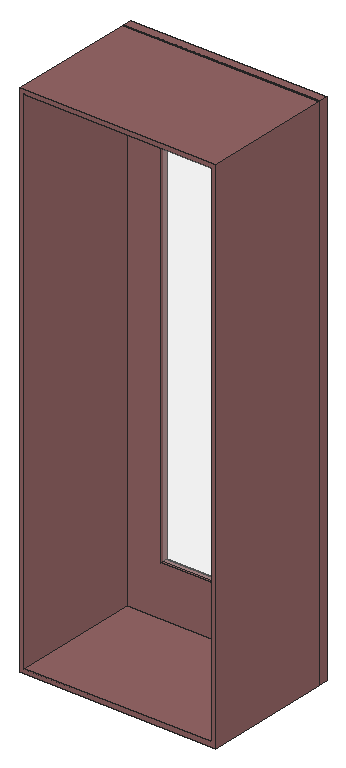
Revit family "M_Gabinete do extintor de incêndio", category Equipamento especial, Revit 2019
Family settings
  Hospedeiro = Parede
  Cota do conector redondo = Utilizar diâmetro
  Tipo de parte = Normal
  Número OmniClass = 23.65.70.17.11
  Título OmniClass = Fire Fighting Terminal Components
  ID de item do Seek = Fire Extinguisher Cabinet-0000-CAN-ENU
  Sempre na vertical = Sim
  Corte com vazios quando carregada = Não
  Compartilhado = Não
  Ponto de cálculo do ambiente = Não
Parameters (values of type "305 x 215 x 813mm")
  Material do armário = Metal - Acabamento pintado - Vermelho indiano, fosco
  Linear = 215.00 mm
  Material do painel de vidro = Vidro
  Altura = 813.00 mm
  Altura de montagem = 915.00 mm
  Largura = 305.00 mm
Types (4, lengths in mm): name | Linear | Altura | Largura
  (no name) | 215.00 | 813.00 | 305.00
  240 x 115 x 610mm | 115.00 | 610.00 | 240.00
  280 x 152 x 660mm | 152.00 | 660.00 | 280.00
  305 x 215 x 813mm | 215.00 | 813.00 | 305.00
Reference planes
  plane 1: y = 0
  plane 2 "Centro": x = -109.648
  plane 3: x = 42.852
  plane 4: x = -262.148
  plane 5: z = 1728
  plane 6: x = -14.298
  plane 7: x = -204.998
  plane 8: z = 915
  plane 9: y = 291.2
  plane 10: y = 76.2
  plane 11: y = 275.325
Forms (mm)
  Extrusion 1, solid, material "Metal - Acabamento pintado - Vermelho indiano, fosco" <- "Material do armário"
    sketch origin (0, 291.2, 0) x (0, 0, -1) y (-1, 0, 0)
      loop
        line (-1728, -42.852) -> (-915, -42.852) -> (-915, 262.148) -> (-1728, 262.148) -> (-1728, -42.852)
      loop
        line (-1645.45, 14.298) -> (-997.55, 14.298) -> (-997.55, 204.998) -> (-1645.45, 204.998) -> (-1645.45, 14.298)
    from 0 to -12.7
  Extrusion 2, solid, material "Vidro" <- "Material do painel de vidro"
    sketch origin (0, 291.2, 0) x (0, 0, -1) y (-1, 0, 0)
      loop
        line (-1645.45, 14.298) -> (-997.55, 14.298) -> (-997.55, 204.998) -> (-1645.45, 204.998) -> (-1645.45, 14.298)
    from -3.175 to -9.525
  Extrusion 3, solid, material "Metal - Acabamento pintado - Vermelho indiano, fosco" <- "Material do armário"
    sketch origin (0, 76.2, 0) x (0, 0, -1) y (-1, 0, 0)
      loop
        line (-1728, -42.852) -> (-915, -42.852) -> (-915, 262.148) -> (-1728, 262.148) -> (-1728, -42.852)
      loop
        line (-1721.65, -36.502) -> (-921.35, -36.502) -> (-921.35, 255.798) -> (-1721.65, 255.798) -> (-1721.65, -36.502)
    from 0 to 199.125
Lines and regions (mm)
  symbolic lines
    curve 1: line (-262.148, 275.325, 0) -> (42.852, 275.325, 0)
    curve 2: line (-262.148, 288.025, 0) -> (42.852, 288.025, 0)
    curve 3: line (-262.148, 76.2, 0) -> (-262.148, 288.025, 0)
    curve 4: line (42.852, 76.2, 0) -> (-262.148, 76.2, 0)
    curve 5: line (42.852, 288.025, 0) -> (42.852, 76.2, 0)
Text (mm)
  text "Parte frontal" at (0, 1019.848, 3124.603), in view "Direita"
  text "Parte frontal" at (-811.708, 558.621, 0), in view "Nível de referência"
  text "Parte frontal" at (0, 983.686, 2265.984), in view "Esquerda"
Dimensions and locks
  "Largura": plane 3 to plane 4
  equal spacing: plane 3, plane 2 "Centro", plane 4
  locked: plane 3 to plane 6 at 57.15
  locked: plane 7 to plane 4 at 57.15
  "Altura de montagem": host wall to plane 8
  "Altura": plane 8 to plane 5
  "Linear": plane 9 to plane 10
  locked: plane 9 to plane 11 at 15.875
  aligned and locked: host wall to curve 4
  aligned and locked: plane 10 to host wall
  aligned and locked: plane 11 to Extrusion 3
Automatic sketch dimensions
  curve 1 to plane 4 = 0.00 mm
  curve 4 to plane 3 = 0.00 mm
  curve 1 to curve 2 = 12.70 mm
  Extrusion 1 sketch curve to plane 4 = 0.00 mm
  Extrusion 1 sketch curve to plane 5 = 0.00 mm
  Extrusion 1 sketch curve to plane 6 = 0.00 mm
  Extrusion 1 sketch curve to plane 7 = 0.00 mm
  Extrusion 1 sketch curve to plane 8 = 0.00 mm
  Extrusion 1 sketch curve to plane 3 = 0.00 mm
  plane 5 to Extrusion 1 sketch curve = 82.55 mm
  Extrusion 1 sketch curve to plane 8 = 82.55 mm
  Extrusion 2 sketch curve to plane 7 = 0.00 mm
  Extrusion 2 sketch curve to plane 6 = 0.00 mm
  plane 5 to Extrusion 2 sketch curve = 82.55 mm
  Extrusion 2 sketch curve to plane 8 = 82.55 mm
  curve 1 to plane 11 = 0.00 mm
  Extrusion 3 sketch curve to plane 4 = 0.00 mm
  Extrusion 3 sketch curve to plane 5 = 0.00 mm
  Extrusion 3 sketch curve to plane 8 = 0.00 mm
  Extrusion 3 sketch curve to plane 3 = 0.00 mm
  plane 5 to Extrusion 3 sketch curve = 6.35 mm
  Extrusion 3 sketch curve to plane 8 = 6.35 mm
  Extrusion 3 sketch curve to plane 3 = 6.35 mm
  plane 4 to Extrusion 3 sketch curve = 6.35 mm
